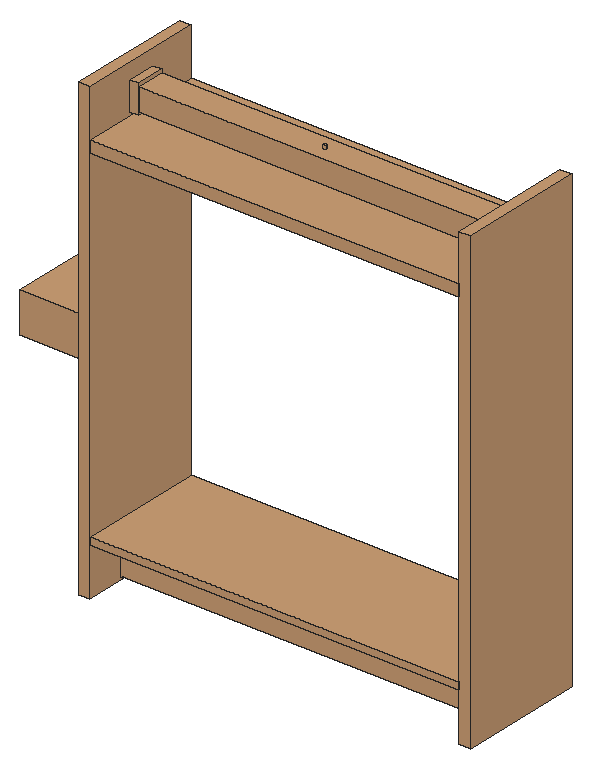
Revit family
Parameters
  Center of Unit = 0' - 0"  # constant formula
  Total Heating Capacity [instance] = 0.0 Btu/h
  Series = "VIFB"
  Outlet Area = 26.80 SF
  Lower Frame Thickness = if(Headers Height = 0' 3", 0' 1 1/4", if(Headers Height = 0' 3 1/4", 0' 1 1/4", 0' 0"))  # 0' - 1 1/4"
  Water Pressure Drop [instance] = 0.00 psi
  Water Flow [instance] = 0 GPM
  Unit Weight (lbs) = 855
  URL = "http://www.ljwing.com/"
  Water Outlet Radius = 0' - 1 1/2"
  Headers Height = if(M = 0' 1", 0' 3", if(M = 0' 1 1/2", 0' 3 1/4", 0' 0"))  # 0' - 3"
  Number of Rows = 2  # constant formula
  Number of Coils [instance] = 0
  Nominal Length = 5' - 8 5/16"
  N = 1' - 0 3/4"
  Model = "VD-6W"
  Manufacturer = "LJ Wing"
  M = 0' - 1"
  Leaving Water Temperature [instance] = 0 °F
  Leaving Air Temperature [instance] = 0 °F
  Entering Water Temperature [instance] = 0 °F
  Entering Air Temperature [instance] = 0 °F
  Description = "Vertical Integral Face & Bypass Water Heating Coils"
  Hot Water Inlet  Radius = 0' - 1 1/2"
  Coil Face Area = Outlet Area * 0.56  # 15.008 SF
  Casing Material = ""
  Assembly Code = "D3020300"
  Air Vent Radius = 0' - 0 1/4"
  Air Pressure Drop [instance] = 0.00 in-wg
  Air Inlet Width = Nominal Length - 0' 4"  # 5' - 4 5/16"
  Air Inlet Height = Y  # 5' - 0"
  Air Flow [instance] = 0 CFM
  Y = 5' - 0"
  S = 0' - 9 3/4"  # constant formula
  Product URL = "http://www.ljwing.com/html/vifb.asp"
  OmniClass = "23-75 70 21 14 "
  Nominal Height = 6' - 8"
  Nominal Depth = 1' - 10"
  R = 0' - 10 1/4"  # constant formula
  Q = 0' - 4 5/32"
Reference planes (in)
  plane 1 "Center (Front/Back)": y = 0
  plane 2: z = -30
  plane 3 "Center (Left/Right)": x = 0
  plane 4: z = 40.25
  plane 5: x = -34.15625
  plane 6: x = 34.15625
  plane 7: z = -39.75
  plane 8: z = 0
  plane 9: y = -11
  plane 10: y = 11
  plane 11: z = 30
  plane 12: z = 32
  plane 13: z = -31.25
  plane 14: x = 32.15625
  plane 15: x = -32.15625
  plane 16: x = -30
  plane 17: x = 30
  plane 18: y = 14.0625
  plane 19: x = -45.15625
  plane 20: z = 37.125
  plane 21: z = 33.125
  plane 22: y = -2.5
  plane 23: y = 2.5
  plane 24: y = -4.5
  plane 25: z = -37.375
  plane 26: x = -21.40625
  plane 27: x = 21.40625
  plane 28: z = -33.375
Forms (in)
  Extrusion 1, solid, material "Painted Finish"
    sketch origin (0, 6, -9.75) x (1, 0, 0) y (0, 0, 1)
      loop
        line (-34.15625, -30) -> (-32.15625, -30) -> (-32.15625, 50) -> (-34.15625, 50) -> (-34.15625, -30)
      loop
        line (34.15625, -30) -> (34.15625, 50) -> (32.15625, 50) -> (32.15625, -30) -> (34.15625, -30)
    from -5 to 17
  Extrusion 2, solid, material "Painted Finish"
    sketch origin (0, 6, 0) x (1, 0, 0) y (0, 0, 1)
      loop
        line (32.15625, -30) -> (-32.15625, -30) -> (-32.15625, -31.25) -> (32.15625, -31.25) -> (32.15625, -30)
      loop
        line (32.15625, 30) -> (32.15625, 32) -> (-32.15625, 32) -> (-32.15625, 30) -> (32.15625, 30)
    from -5 to 17
  Extrusion 3, solid, material "Painted Finish"
    sketch origin (0, 10, -0.5) x (1, 0, 0) y (0, 0, 1)
      loop
        line (-34.15625, 4) -> (-45.15625, 4) -> (-45.15625, -3) -> (-34.15625, -3) -> (-34.15625, 4)
    from 0 to 20
  Extrusion 4, solid, material "Painted Finish"
    sketch origin (0, 6, 0) x (1, 0, 0) y (0, 0, 1)
      loop
        line (-30.53125, 37.125) -> (-30.53125, 33.125) -> (30.53125, 33.125) -> (30.53125, 37.125) -> (-30.53125, 37.125)
    from 3.5 to 8.5
  Extrusion 5, solid, material "Painted Finish"
    sketch origin (0, 0, 0) x (1, 0, 0) y (0, 0, 1)
      loop
        line (-30.53125, 32.625) -> (-30.53125, 37.625) -> (-32.15625, 37.625) -> (-32.15625, 32.625) -> (-30.53125, 32.625)
      loop
        line (32.15625, 32.625) -> (32.15625, 37.625) -> (30.53125, 37.625) -> (30.53125, 32.625) -> (32.15625, 32.625)
    from -2.5 to 2.5
  Extrusion 6, solid, material "Painted Finish"
    sketch origin (0, 6, 0) x (1, 0, 0) y (0, 0, 1)
      loop
        line (-31.65625, -31.875) -> (-31.65625, -31.625) -> (-32.15625, -31.625) -> (-32.15625, -35.125) -> (-31.65625, -35.125) -> (-31.65625, -34.875) -> (31.65625, -34.875) -> (31.65625, -35.125) -> (32.15625, -35.125) -> (32.15625, -31.625) -> (31.65625, -31.625) -> (31.65625, -31.875) -> (-31.65625, -31.875)
      loop
        line (31.65625, -38.875) -> (31.65625, -39.125) -> (32.15625, -39.125) -> (32.15625, -35.625) -> (31.65625, -35.625) -> (31.65625, -35.875) -> (-31.65625, -35.875) -> (-31.65625, -35.625) -> (-32.15625, -35.625) -> (-32.15625, -39.125) -> (-31.65625, -39.125) -> (-31.65625, -38.875) -> (31.65625, -38.875)
    from -5 to 10.5
  Extrusion 7, void
    sketch origin (0, 0, 0) x (1, 0, 0) y (0, 0, 1)
      loop
        line (-32.15625, 30) -> (-32.15625, -30) -> (32.15625, -30) -> (32.15625, 30) -> (-32.15625, 30)
    from -11 to 11
  Extrusion 8, solid, material "Painted Finish"
    sketch origin (0, 0, 0) x (1, 0, 0) y (0, 0, 1)
      loop
        circle (21.40625, -37.375) r 1
      loop
        circle (-21.40625, -33.375) r 1
    from -14.0625 to -11
  Extrusion 9, solid, material "Painted Finish"
    sketch origin (0, 0, 0) x (1, 0, 0) y (0, 1, 0)
      loop
        circle (0, 0) r 0.25
    from 37.125 to 37.625
Cuts and joins
  Extrusion 7 cuts Extrusion 1
  Extrusion 7 cuts Extrusion 2
Dimensions and locks (in)
  "Nominal Length": plane 6 to plane 5
  equal spacing: plane 6, plane 3 "Center (Left/Right)", plane 5
  "S": plane 2 to plane 7
  "Nominal Depth": plane 10 to plane 9
  equal spacing: plane 10, plane 1 "Center (Front/Back)", plane 9
  "Y": plane 11 to plane 2
  "R": plane 4 to plane 11
  locked: plane 12 to plane 11 at 2
  "Lower Frame Thickness": plane 2 to plane 13
  "Q": plane 16 to plane 5
  "Q": plane 6 to plane 17
  locked: plane 18 to plane 10 at 3.0625
  locked: plane 5 to plane 19 at 11
  locked: Extrusion 3 sketch curve to Extrusion 3 sketch curve at 7
  locked: Extrusion 3 to Extrusion 3 at 20
  locked: plane 6 to plane 14 at 2
  locked: plane 15 to plane 5 at 2
  locked: Extrusion 5 sketch curve to plane 20 at 0.5
  locked: plane 21 to Extrusion 5 sketch curve at 0.5
  locked: plane 20 to plane 21 at 4
  locked: plane 23 to plane 22 at 5
  equal spacing: plane 23, plane 1 "Center (Front/Back)", plane 22
  locked: plane 22 to plane 24 at 2
  plane 4 to plane 7 = 6' - 8"
  locked: Extrusion 5 sketch curve to Extrusion 1 at 1.625
  locked: Extrusion 5 sketch curve to Extrusion 5 sketch curve at 1.625
  locked: Extrusion 7 sketch curve to plane 11 at 0
  locked: Extrusion 7 sketch curve to plane 15 at 0
  locked: Extrusion 7 sketch curve to plane 14 at 0
  locked: plane 15 to Extrusion 6 sketch curve at 0.5
  locked: Extrusion 6 sketch curve to Extrusion 6 sketch curve at 0.25  (x2)
  locked: plane 25 to plane 7 at 2.375
  "N": plane 26 to plane 5
  "N": plane 6 to plane 27
  locked: plane 28 to plane 7 at 6.375
  "Headers Height": Extrusion 6 sketch curve to Extrusion 6 sketch curve  (x2)
  locked: Extrusion 8 sketch curve to plane 25 at 0
  locked: Extrusion 8 sketch curve to plane 28 at 0
  locked: Extrusion 9 sketch curve to plane 1 "Center (Front/Back)" at 0
  locked: Extrusion 9 sketch curve to plane 3 "Center (Left/Right)" at 0
  equal spacing: Extrusion 6 sketch curve, plane 28, Extrusion 6 sketch curve
  equal spacing: Extrusion 6 sketch curve, plane 25, Extrusion 6 sketch curve
  locked: plane 4 to plane 20 at 3.125
  locked: Extrusion 7 sketch curve to plane 2 at 0
  equal spacing: plane 11, plane 8, plane 2
  locked: Extrusion 8 sketch curve to plane 27 at 0
  locked: Extrusion 8 sketch curve to plane 26 at 0
  "M": radius of Extrusion 8 sketch curve  (x2)
  "Air Vent Radius": radius of Extrusion 9 sketch curve
  aligned and locked: Extrusion 1 to plane 9
  aligned and locked: Extrusion 1 to plane 10
  aligned and locked: Extrusion 1 to plane 15
  aligned and locked: Extrusion 1 to plane 14
  aligned and locked: Extrusion 2 to plane 9
  aligned and locked: plane 9 to Extrusion 1
  aligned and locked: plane 10 to Extrusion 1  (x2)
  aligned and locked: Extrusion 2 to plane 10
  aligned and locked: plane 10 to Extrusion 2  (x2)
  aligned and locked: plane 9 to Extrusion 2  (x2)
  aligned and locked: plane 5 to Extrusion 3
  aligned and locked: Extrusion 5 sketch curve to plane 15
  aligned and locked: Extrusion 5 sketch curve to Extrusion 4
  aligned and locked: Extrusion 1 to Extrusion 6
  aligned and locked: plane 22 to Extrusion 5
  aligned and locked: Extrusion 5 to Extrusion 4  (x2)
  aligned and locked: Extrusion 5 to plane 23
  aligned and locked: Extrusion 6 to plane 24
  aligned and locked: Extrusion 4 to Extrusion 5  (x2)
  aligned and locked: Extrusion 5 to Extrusion 1  (x2)
  aligned and locked: Extrusion 1 to Extrusion 7  (x2)
  aligned and locked: plane 18 to Extrusion 8
  aligned and locked: Extrusion 8 to plane 10
  aligned and locked: plane 20 to Extrusion 9
  aligned and locked: Extrusion 9 to Extrusion 5
  aligned and locked: plane 2 to cut or joined group of Extrusion 2, Extrusion 7
  aligned and locked: Extrusion 1 sketch curve to plane 6
  aligned and locked: Extrusion 1 sketch curve to plane 14
  aligned and locked: Extrusion 1 sketch curve to plane 15
  aligned and locked: Extrusion 1 sketch curve to plane 5
  aligned and locked: Extrusion 1 sketch curve to plane 4  (x2)
  aligned and locked: plane 7 to Extrusion 1 sketch curve  (x2)
  aligned and locked: Extrusion 2 sketch curve to plane 11
  aligned and locked: Extrusion 2 sketch curve to plane 12
  aligned and locked: plane 2 to Extrusion 2 sketch curve
  aligned and locked: Extrusion 2 sketch curve to plane 13
  aligned and locked: Extrusion 2 sketch curve to plane 14  (x2)
  aligned and locked: Extrusion 2 sketch curve to plane 15  (x2)
  aligned and locked: plane 20 to Extrusion 4 sketch curve
  aligned and locked: Extrusion 4 sketch curve to plane 21
  aligned and locked: plane 14 to Extrusion 6 sketch curve
  aligned and locked: Extrusion 6 sketch curve to plane 14
  aligned and locked: Extrusion 6 sketch curve to plane 15  (x2)
Automatic sketch dimensions
  Extrusion 3 sketch curve to plane 19 = 0' - 0"
  Extrusion 3 sketch curve to plane 5 = 0' - 0"
  plane 8 to Extrusion 3 sketch curve = 0' - 3 1/2"
  Extrusion 4 sketch curve to plane 16 = 0' - 0 17/32"
  plane 17 to Extrusion 4 sketch curve = 0' - 0 17/32"
  plane 21 to Extrusion 5 sketch curve = 0' - 0 1/2"
  Extrusion 5 sketch curve to plane 20 = 0' - 0 1/2"
  plane 15 to Extrusion 6 sketch curve = 0' - 0 1/2"  (x2)
  Extrusion 6 sketch curve to Extrusion 6 sketch curve = 0' - 0 1/4"  (x5)
  Extrusion 6 sketch curve to Extrusion 6 sketch curve = 0' - 0"  (x2)
  Extrusion 6 sketch curve to plane 14 = 0' - 0 1/2"  (x2)
  Extrusion 6 sketch curve to Extrusion 6 sketch curve = 0' - 0 1/2"
  Extrusion 6 sketch curve to plane 7 = 0' - 0 5/8"
Connectors (in)
  hvac at (0, -11, 0), driven by "Air Inlet Height", driven by "Air Inlet Width", driven by "Air Flow", driven by "Air Pressure Drop"
    settings: on Extrusion 7, index 1
  hvac at (0, 11, 0), driven by "Air Pressure Drop", driven by "Air Inlet Height", driven by "Air Inlet Width", driven by "Air Flow"
    settings: on Extrusion 7, index 2
  piping at (-21.40625, 14.0625, -33.375), driven by "M", driven by "Water Flow", driven by "Water Pressure Drop"
    settings: on Extrusion 8, index 4
  piping at (21.40625, 14.0625, -37.375), driven by "Water Pressure Drop", driven by "Water Flow", driven by "M"
    settings: on Extrusion 8, index 5
